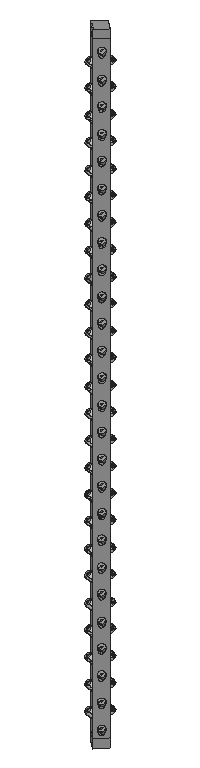
Revit family "Vertical Farm C", category Columns, Revit 2024 (continued)
Automatic sketch dimensions
  radius of Extrusion 577 sketch curve = 0' - 0 5/16"
  radius of Extrusion 577 sketch curve = 0' - 1"
  radius of Extrusion 578 sketch curve = 0' - 1"
  radius of Extrusion 578 sketch curve = 0' - 1 1/8"
  radius of Extrusion 579 sketch curve = 0' - 1 1/8"
  radius of Extrusion 579 sketch curve = 0' - 1 3/32"
  radius of Extrusion 580 sketch curve = 0' - 0 5/16"
  radius of Extrusion 580 sketch curve = 0' - 1"
  radius of Extrusion 581 sketch curve = 0' - 1"
  radius of Extrusion 581 sketch curve = 0' - 1 1/8"
  radius of Extrusion 582 sketch curve = 0' - 1 1/8"
  radius of Extrusion 582 sketch curve = 0' - 1 3/32"
  radius of Extrusion 583 sketch curve = 0' - 0 5/16"
  radius of Extrusion 583 sketch curve = 0' - 1"
  radius of Extrusion 584 sketch curve = 0' - 1"
  radius of Extrusion 584 sketch curve = 0' - 1 1/8"
  radius of Extrusion 585 sketch curve = 0' - 1 1/8"
  radius of Extrusion 585 sketch curve = 0' - 1 3/32"
  radius of Extrusion 586 sketch curve = 0' - 0 5/16"
  radius of Extrusion 586 sketch curve = 0' - 1"
  radius of Extrusion 587 sketch curve = 0' - 1"
  radius of Extrusion 587 sketch curve = 0' - 1 1/8"
  radius of Extrusion 588 sketch curve = 0' - 1 1/8"
  radius of Extrusion 588 sketch curve = 0' - 1 3/32"
  radius of Extrusion 589 sketch curve = 0' - 0 5/16"
  radius of Extrusion 589 sketch curve = 0' - 1"
  radius of Extrusion 590 sketch curve = 0' - 1"
  radius of Extrusion 590 sketch curve = 0' - 1 1/8"
  radius of Extrusion 591 sketch curve = 0' - 1 1/8"
  radius of Extrusion 591 sketch curve = 0' - 1 3/32"
  radius of Extrusion 592 sketch curve = 0' - 0 5/16"
  radius of Extrusion 592 sketch curve = 0' - 1"
  radius of Extrusion 593 sketch curve = 0' - 1"
  radius of Extrusion 593 sketch curve = 0' - 1 1/8"
  radius of Extrusion 594 sketch curve = 0' - 1 1/8"
  radius of Extrusion 594 sketch curve = 0' - 1 3/32"
  radius of Extrusion 595 sketch curve = 0' - 0 5/16"
  radius of Extrusion 595 sketch curve = 0' - 1"
  radius of Extrusion 596 sketch curve = 0' - 1"
  radius of Extrusion 596 sketch curve = 0' - 1 1/8"
  radius of Extrusion 597 sketch curve = 0' - 1 1/8"
  radius of Extrusion 597 sketch curve = 0' - 1 3/32"
  radius of Extrusion 598 sketch curve = 0' - 0 5/16"
  radius of Extrusion 598 sketch curve = 0' - 1"
  radius of Extrusion 599 sketch curve = 0' - 1"
  radius of Extrusion 599 sketch curve = 0' - 1 1/8"
  radius of Extrusion 600 sketch curve = 0' - 1 1/8"
  radius of Extrusion 600 sketch curve = 0' - 1 3/32"
  radius of Extrusion 601 sketch curve = 0' - 0 5/16"
  radius of Extrusion 601 sketch curve = 0' - 1"
  radius of Extrusion 602 sketch curve = 0' - 1"
  radius of Extrusion 602 sketch curve = 0' - 1 1/8"
  radius of Extrusion 603 sketch curve = 0' - 1 1/8"
  radius of Extrusion 603 sketch curve = 0' - 1 3/32"
  radius of Extrusion 604 sketch curve = 0' - 0 5/16"
  radius of Extrusion 604 sketch curve = 0' - 1"
  radius of Extrusion 605 sketch curve = 0' - 1"
  radius of Extrusion 605 sketch curve = 0' - 1 1/8"
  radius of Extrusion 606 sketch curve = 0' - 1 1/8"
  radius of Extrusion 606 sketch curve = 0' - 1 3/32"
  radius of Extrusion 607 sketch curve = 0' - 0 5/16"
  radius of Extrusion 607 sketch curve = 0' - 1"
  radius of Extrusion 608 sketch curve = 0' - 1"
  radius of Extrusion 608 sketch curve = 0' - 1 1/8"
  radius of Extrusion 609 sketch curve = 0' - 1 1/8"
  radius of Extrusion 609 sketch curve = 0' - 1 3/32"
  radius of Extrusion 610 sketch curve = 0' - 0 5/16"
  radius of Extrusion 610 sketch curve = 0' - 1"
  radius of Extrusion 611 sketch curve = 0' - 1"
  radius of Extrusion 611 sketch curve = 0' - 1 1/8"
  radius of Extrusion 612 sketch curve = 0' - 1 1/8"
  radius of Extrusion 612 sketch curve = 0' - 1 3/32"
  radius of Extrusion 613 sketch curve = 0' - 0 5/16"
  radius of Extrusion 613 sketch curve = 0' - 1"
  radius of Extrusion 614 sketch curve = 0' - 1"
  radius of Extrusion 614 sketch curve = 0' - 1 1/8"
  radius of Extrusion 615 sketch curve = 0' - 1 1/8"
  radius of Extrusion 615 sketch curve = 0' - 1 3/32"
  radius of Extrusion 616 sketch curve = 0' - 0 5/16"
  radius of Extrusion 616 sketch curve = 0' - 1"
  radius of Extrusion 617 sketch curve = 0' - 1"
  radius of Extrusion 617 sketch curve = 0' - 1 1/8"
  radius of Extrusion 618 sketch curve = 0' - 1 1/8"
  radius of Extrusion 618 sketch curve = 0' - 1 3/32"
  radius of Extrusion 619 sketch curve = 0' - 0 5/16"
  radius of Extrusion 619 sketch curve = 0' - 1"
  radius of Extrusion 620 sketch curve = 0' - 1"
  radius of Extrusion 620 sketch curve = 0' - 1 1/8"
  radius of Extrusion 621 sketch curve = 0' - 1 1/8"
  radius of Extrusion 621 sketch curve = 0' - 1 3/32"
  radius of Extrusion 622 sketch curve = 0' - 0 5/16"
  radius of Extrusion 622 sketch curve = 0' - 1"
  radius of Extrusion 623 sketch curve = 0' - 1"
  radius of Extrusion 623 sketch curve = 0' - 1 1/8"
  radius of Extrusion 624 sketch curve = 0' - 1 1/8"
  radius of Extrusion 624 sketch curve = 0' - 1 3/32"
  radius of Extrusion 625 sketch curve = 0' - 0 5/16"
  radius of Extrusion 625 sketch curve = 0' - 1"
  radius of Extrusion 626 sketch curve = 0' - 1"
  radius of Extrusion 626 sketch curve = 0' - 1 1/8"
  radius of Extrusion 627 sketch curve = 0' - 1 1/8"
  radius of Extrusion 627 sketch curve = 0' - 1 3/32"
  radius of Extrusion 628 sketch curve = 0' - 0 5/16"
  radius of Extrusion 628 sketch curve = 0' - 1"
  radius of Extrusion 629 sketch curve = 0' - 1"
  radius of Extrusion 629 sketch curve = 0' - 1 1/8"
  radius of Extrusion 630 sketch curve = 0' - 1 1/8"
  radius of Extrusion 630 sketch curve = 0' - 1 3/32"
  radius of Extrusion 631 sketch curve = 0' - 0 5/16"
  radius of Extrusion 631 sketch curve = 0' - 1"
  radius of Extrusion 632 sketch curve = 0' - 1"
  radius of Extrusion 632 sketch curve = 0' - 1 1/8"
  radius of Extrusion 633 sketch curve = 0' - 1 1/8"
  radius of Extrusion 633 sketch curve = 0' - 1 3/32"
  radius of Extrusion 634 sketch curve = 0' - 0 5/16"
  radius of Extrusion 634 sketch curve = 0' - 1"
  radius of Extrusion 635 sketch curve = 0' - 1"
  radius of Extrusion 635 sketch curve = 0' - 1 1/8"
  radius of Extrusion 636 sketch curve = 0' - 1 1/8"
  radius of Extrusion 636 sketch curve = 0' - 1 3/32"
  radius of Extrusion 637 sketch curve = 0' - 0 5/16"
  radius of Extrusion 637 sketch curve = 0' - 1"
  radius of Extrusion 638 sketch curve = 0' - 1"
  radius of Extrusion 638 sketch curve = 0' - 1 1/8"
  radius of Extrusion 639 sketch curve = 0' - 1 1/8"
  radius of Extrusion 639 sketch curve = 0' - 1 3/32"
  radius of Extrusion 640 sketch curve = 0' - 0 5/16"
  radius of Extrusion 640 sketch curve = 0' - 1"
  radius of Extrusion 641 sketch curve = 0' - 1"
  radius of Extrusion 641 sketch curve = 0' - 1 1/8"
  radius of Extrusion 642 sketch curve = 0' - 1 1/8"
  radius of Extrusion 642 sketch curve = 0' - 1 3/32"
  radius of Extrusion 643 sketch curve = 0' - 0 5/16"
  radius of Extrusion 643 sketch curve = 0' - 1"
  radius of Extrusion 644 sketch curve = 0' - 1"
  radius of Extrusion 644 sketch curve = 0' - 1 1/8"
  radius of Extrusion 645 sketch curve = 0' - 1 1/8"
  radius of Extrusion 645 sketch curve = 0' - 1 3/32"
  radius of Extrusion 646 sketch curve = 0' - 0 5/16"
  radius of Extrusion 646 sketch curve = 0' - 1"
  radius of Extrusion 647 sketch curve = 0' - 1"
  radius of Extrusion 647 sketch curve = 0' - 1 1/8"
  radius of Extrusion 648 sketch curve = 0' - 1 1/8"
  radius of Extrusion 648 sketch curve = 0' - 1 3/32"
  radius of Extrusion 649 sketch curve = 0' - 0 5/16"
  radius of Extrusion 649 sketch curve = 0' - 1"
  radius of Extrusion 650 sketch curve = 0' - 1"
  radius of Extrusion 650 sketch curve = 0' - 1 1/8"
  radius of Extrusion 651 sketch curve = 0' - 1 1/8"
  radius of Extrusion 651 sketch curve = 0' - 1 3/32"
  radius of Extrusion 652 sketch curve = 0' - 0 5/16"
  radius of Extrusion 652 sketch curve = 0' - 1"
  radius of Extrusion 653 sketch curve = 0' - 1"
  radius of Extrusion 653 sketch curve = 0' - 1 1/8"
  radius of Extrusion 654 sketch curve = 0' - 1 1/8"
  radius of Extrusion 654 sketch curve = 0' - 1 3/32"
  radius of Extrusion 655 sketch curve = 0' - 0 5/16"
  radius of Extrusion 655 sketch curve = 0' - 1"
  radius of Extrusion 656 sketch curve = 0' - 1"
  radius of Extrusion 656 sketch curve = 0' - 1 1/8"
  radius of Extrusion 657 sketch curve = 0' - 1 1/8"
  radius of Extrusion 657 sketch curve = 0' - 1 3/32"
  radius of Extrusion 658 sketch curve = 0' - 0 5/16"
  radius of Extrusion 658 sketch curve = 0' - 1"
  radius of Extrusion 659 sketch curve = 0' - 1"
  radius of Extrusion 659 sketch curve = 0' - 1 1/8"
  radius of Extrusion 660 sketch curve = 0' - 1 1/8"
  radius of Extrusion 660 sketch curve = 0' - 1 3/32"
  radius of Extrusion 661 sketch curve = 0' - 0 5/16"
  radius of Extrusion 661 sketch curve = 0' - 1"
  radius of Extrusion 662 sketch curve = 0' - 1"
  radius of Extrusion 662 sketch curve = 0' - 1 1/8"
  radius of Extrusion 663 sketch curve = 0' - 1 1/8"
  radius of Extrusion 663 sketch curve = 0' - 1 3/32"
  radius of Extrusion 664 sketch curve = 0' - 0 5/16"
  radius of Extrusion 664 sketch curve = 0' - 1"
  radius of Extrusion 665 sketch curve = 0' - 1"
  radius of Extrusion 665 sketch curve = 0' - 1 1/8"
  radius of Extrusion 666 sketch curve = 0' - 1 1/8"
  radius of Extrusion 666 sketch curve = 0' - 1 3/32"
  radius of Extrusion 667 sketch curve = 0' - 0 5/16"
  radius of Extrusion 667 sketch curve = 0' - 1"
  radius of Extrusion 668 sketch curve = 0' - 1"
  radius of Extrusion 668 sketch curve = 0' - 1 1/8"
  radius of Extrusion 669 sketch curve = 0' - 1 1/8"
  radius of Extrusion 669 sketch curve = 0' - 1 3/32"
  radius of Extrusion 670 sketch curve = 0' - 0 5/16"
  radius of Extrusion 670 sketch curve = 0' - 1"
  radius of Extrusion 671 sketch curve = 0' - 1"
  radius of Extrusion 671 sketch curve = 0' - 1 1/8"
  radius of Extrusion 672 sketch curve = 0' - 1 1/8"
  radius of Extrusion 672 sketch curve = 0' - 1 3/32"
  radius of Extrusion 673 sketch curve = 0' - 0 5/16"
  radius of Extrusion 673 sketch curve = 0' - 1"
  radius of Extrusion 674 sketch curve = 0' - 1"
  radius of Extrusion 674 sketch curve = 0' - 1 1/8"
  radius of Extrusion 675 sketch curve = 0' - 1 1/8"
  radius of Extrusion 675 sketch curve = 0' - 1 3/32"
  radius of Extrusion 676 sketch curve = 0' - 0 5/16"
  radius of Extrusion 676 sketch curve = 0' - 1"
  radius of Extrusion 677 sketch curve = 0' - 1"
  radius of Extrusion 677 sketch curve = 0' - 1 1/8"
  radius of Extrusion 678 sketch curve = 0' - 1 1/8"
  radius of Extrusion 678 sketch curve = 0' - 1 3/32"
  radius of Extrusion 679 sketch curve = 0' - 0 5/16"
  radius of Extrusion 679 sketch curve = 0' - 1"
  radius of Extrusion 680 sketch curve = 0' - 1"
  radius of Extrusion 680 sketch curve = 0' - 1 1/8"
  radius of Extrusion 681 sketch curve = 0' - 1 1/8"
  radius of Extrusion 681 sketch curve = 0' - 1 3/32"
  radius of Extrusion 682 sketch curve = 0' - 0 5/16"
  radius of Extrusion 682 sketch curve = 0' - 1"
  radius of Extrusion 683 sketch curve = 0' - 1"
  radius of Extrusion 683 sketch curve = 0' - 1 1/8"
  radius of Extrusion 684 sketch curve = 0' - 1 1/8"
  radius of Extrusion 684 sketch curve = 0' - 1 3/32"
  radius of Extrusion 685 sketch curve = 0' - 0 5/16"
  radius of Extrusion 685 sketch curve = 0' - 1"
  radius of Extrusion 686 sketch curve = 0' - 1"
  radius of Extrusion 686 sketch curve = 0' - 1 1/8"
  radius of Extrusion 687 sketch curve = 0' - 1 1/8"
  radius of Extrusion 687 sketch curve = 0' - 1 3/32"
  radius of Extrusion 688 sketch curve = 0' - 0 5/16"
  radius of Extrusion 688 sketch curve = 0' - 1"
  radius of Extrusion 689 sketch curve = 0' - 1"
  radius of Extrusion 689 sketch curve = 0' - 1 1/8"
  radius of Extrusion 690 sketch curve = 0' - 1 1/8"
  radius of Extrusion 690 sketch curve = 0' - 1 3/32"
  radius of Extrusion 691 sketch curve = 0' - 0 5/16"
  radius of Extrusion 691 sketch curve = 0' - 1"
  radius of Extrusion 692 sketch curve = 0' - 1"
  radius of Extrusion 692 sketch curve = 0' - 1 1/8"
  radius of Extrusion 693 sketch curve = 0' - 1 1/8"
  radius of Extrusion 693 sketch curve = 0' - 1 3/32"
  radius of Extrusion 694 sketch curve = 0' - 0 5/16"
  radius of Extrusion 694 sketch curve = 0' - 1"
  radius of Extrusion 695 sketch curve = 0' - 1"
  radius of Extrusion 695 sketch curve = 0' - 1 1/8"
  radius of Extrusion 696 sketch curve = 0' - 1 1/8"
  radius of Extrusion 696 sketch curve = 0' - 1 3/32"
  radius of Extrusion 697 sketch curve = 0' - 0 5/16"
  radius of Extrusion 697 sketch curve = 0' - 1"
  radius of Extrusion 698 sketch curve = 0' - 1"
  radius of Extrusion 698 sketch curve = 0' - 1 1/8"
  radius of Extrusion 699 sketch curve = 0' - 1 1/8"
  radius of Extrusion 699 sketch curve = 0' - 1 3/32"
  radius of Extrusion 700 sketch curve = 0' - 0 5/16"
  radius of Extrusion 700 sketch curve = 0' - 1"
  radius of Extrusion 701 sketch curve = 0' - 1"
  radius of Extrusion 701 sketch curve = 0' - 1 1/8"
  radius of Extrusion 702 sketch curve = 0' - 1 1/8"
  radius of Extrusion 702 sketch curve = 0' - 1 3/32"
